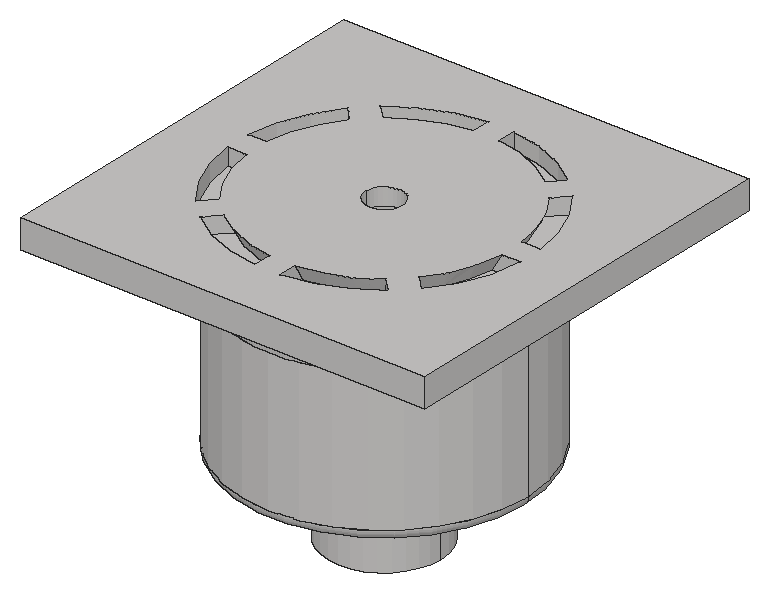
Revit family
Parameters (values of type "9614-SRF-2"")
  Width = 8"
  Waste Connection Radius = 1"
  Waste Connection Diameter = Waste Connection Radius * 2  # 2"
  Waste Connection = yes
  Vent Connection = no
  URL = "www.jrsmith.com"
  Price = "Prices may vary. Please consult Manufacturer Representative for most up-to-date price list."  # constant formula
  Phone Number = "416-250-5656"  # constant formula
  Omniclass Table 23 Title = "Waste Water Drains"  # constant formula
  Omniclass Table 23 Code = "23.70.50.21.24"  # constant formula
  Model = "9614-SRF-2\""
  Material = Metal-Jay R Smith-Stainless Steel
  Masterformat Title = "Sanitary Drains"  # constant formula
  Masterformat Number = "22 13 19.13"  # constant formula
  Manufacturer = "Jay R. Smith"
  Length = Width  # 8"
  Height = 6"
  HW Connection = no
  Description = "8\" Square top special purpose floor drain dwith heavt duty rim flow grate."
  Default Elevation = 0"
  Creation Date = "27/10/2014"  # constant formula
  Created By = "Allied Technical Services"  # constant formula
  CW Connection = no
  Assembly Code = "D2030300"
  ATS URL = "http://www.atsspec.net"
Types (4): name | Waste Connection Radius | Waste Connection Diameter | Model | Description
  (no name) | 1" | 2" | "9614-SRF-2\"" | "8\" Square top special purpose floor drain dwith heavt duty rim flow grate."
  9614-SRF-2" | 1" | 2" | "9614-SRF-2\"" | "8\" Square top special purpose floor drain dwith heavt duty rim flow grate."
  9614-SRF-3" | 1 1/2" | 3" | "9614-SRF-3\"" | "8\" Square top special purpose floor drain with heavy duty rim flow grate."
  9614-SRF-4" | 2" | 4" | "9614-SRF-4\"" | "8\" Square top special purpose floor drain with heavy duty rim flow grate."
Reference planes (in)
  plane 1 "Center (Front/Back)": y = 0
  plane 2: z = 0
  plane 3 "Center (Left/Right)": x = 0
  plane 4: x = -4
  plane 5: x = 4
  plane 6: z = 6
  plane 7: z = 1.5
  plane 8: x = -1
  plane 9: x = 1
  plane 10: z = 5.4375
Forms (in)
  Revolve 1, solid, material "Metal-Jay R Smith-Stainless Steel" <- "Material"
    sketch origin (0, 0, 0) x (1, 0, 0) y (0, 0, 1)
      loop
        line (-4, 6) -> (-4, 5.64194)
        arc (-4, 5.64194) -> (-3.93828, 5.49293) -> (-3.78926, 5.4312) r 0.21074
        line (-3.78926, 5.4312) -> (-3.26404, 5.4312) -> (-3.26404, 5.07734)
        arc (-3.26404, 5.07734) -> (-3.22877, 4.96877) -> (-3.13643, 4.90164) r 0.18476
        arc (-3.13643, 4.90164) -> (-2.93022, 4.75175) -> (-2.85146, 4.50929) r 0.41258
        line (-2.85146, 4.50929) -> (-2.85146, 1.71875)
        arc (-2.85146, 1.71875) -> (-2.78739, 1.56407) -> (-2.63271, 1.5) r 0.21875
        line (-2.63271, 1.5) -> (-1.125, 1.5) -> (-1.125, 0) -> (-1, 0) -> (-1, 5.66937) -> (-0.3652, 5.66937) -> (-0.3652, 6) -> (-2.5352, 6) -> (-2.34432, 5.66937) -> (-2.9102, 5.66937) -> (-2.9102, 6) -> (-4, 6)
      axis (0, 6) -> (0, 0)
    angle from 0 to 360
  Extrusion 2, solid, material "Metal-Jay R Smith-Stainless Steel" <- "Material"
    sketch origin (0, 0, 0) x (1, 0, 0) y (0, 1, 0)
      loop
        line (-0.25, 2.1161) -> (0.25, 2.1161) -> (0.25, 2.90928)
        arc (0.25, 2.90928) -> (0, 2.92) -> (-0.25, 2.90928) r 2.92
        line (-0.25, 2.90928) -> (-0.25, 2.1161)
      loop
        line (-1.67308, 1.31953) -> (-1.31953, 1.67308) -> (-1.88039, 2.23395)
        arc (-1.88039, 2.23395) -> (-2.06475, 2.06475) -> (-2.23395, 1.88039) r 2.92
        line (-2.23395, 1.88039) -> (-1.67308, 1.31953)
      loop
        line (1.67308, 1.31953) -> (2.23395, 1.88039)
        arc (2.23395, 1.88039) -> (2.06475, 2.06475) -> (1.88039, 2.23395) r 2.92
        line (1.88039, 2.23395) -> (1.31953, 1.67308) -> (1.67308, 1.31953)
      loop
        line (-2.1161, -0.25) -> (-2.1161, 0.25) -> (-2.90928, 0.25)
        arc (-2.90928, 0.25) -> (-2.92, 0) -> (-2.90928, -0.25) r 2.92
        line (-2.90928, -0.25) -> (-2.1161, -0.25)
      loop
        line (2.1161, -0.25) -> (2.90928, -0.25)
        arc (2.90928, -0.25) -> (2.92, 0) -> (2.90928, 0.25) r 2.92
        line (2.90928, 0.25) -> (2.1161, 0.25) -> (2.1161, -0.25)
      loop
        line (-0.25, -2.1161) -> (-0.25, -2.90928)
        arc (-0.25, -2.90928) -> (0, -2.92) -> (0.25, -2.90928) r 2.92
        line (0.25, -2.90928) -> (0.25, -2.1161) -> (-0.25, -2.1161)
      loop
        line (-1.67308, -1.31953) -> (-2.23395, -1.88039)
        arc (-2.23395, -1.88039) -> (-2.06475, -2.06475) -> (-1.88039, -2.23395) r 2.92
        line (-1.88039, -2.23395) -> (-1.31953, -1.67308) -> (-1.67308, -1.31953)
      loop
        line (1.67308, -1.31953) -> (1.31953, -1.67308) -> (1.88039, -2.23395)
        arc (1.88039, -2.23395) -> (2.06475, -2.06475) -> (2.23395, -1.88039) r 2.92
        line (2.23395, -1.88039) -> (1.67308, -1.31953)
    from 5.66937 to 6
  Extrusion 3, solid, material "Metal-Jay R Smith-Stainless Steel" <- "Material"
    sketch origin (0, 0, 0) x (1, 0, 0) y (0, 1, 0)
      loop
        line (-4, -4) -> (4, -4) -> (4, 4) -> (-4, 4) -> (-4, -4)
      loop
        circle (0, 0) r 2.9102
    from 5.4375 to 6
Cuts and joins
  joined: Revolve 1, Extrusion 2, Extrusion 3
Dimensions and locks (in)
  "Height": plane 6 to plane 2
  "Waste Connection Diameter": plane 9 to plane 8
  "Width": plane 5 to plane 4
  plane 7 to level = 1 1/2"
  equal spacing: plane 9, plane 3 "Center (Left/Right)", plane 8
  equal spacing: plane 5, plane 3 "Center (Left/Right)", plane 4
  locked: plane 8 to Revolve 1 sketch curve at 0.125
  aligned and locked: plane 8 to Revolve 1 sketch curve
Automatic sketch dimensions
  Extrusion 2 sketch curve to Extrusion 2 sketch curve = 0"  (x58)
  plane 5 to Extrusion 2 sketch curve = 6.90928"
  Extrusion 2 sketch curve to Extrusion 2 sketch curve = 0.67533"  (x2)
  Extrusion 2 sketch curve to Extrusion 2 sketch curve = 0.79318"  (x4)
  Extrusion 2 sketch curve to Extrusion 2 sketch curve = 0.35355"  (x8)
  Extrusion 2 sketch curve to Extrusion 2 sketch curve = 0.56086"  (x4)
  Extrusion 2 sketch curve to Extrusion 2 sketch curve = 1.06953"  (x8)
  Extrusion 2 sketch curve to Extrusion 2 sketch curve = 1.67308"
  Extrusion 2 sketch curve to Extrusion 2 sketch curve = 1/2"  (x2)
  Extrusion 2 sketch curve to Extrusion 2 sketch curve = 0.44301"  (x3)
  Extrusion 2 sketch curve to plane 1 "Center (Front/Back)" = 1.88039"
  Extrusion 2 sketch curve to Extrusion 2 sketch curve = 0.20731"  (x2)
  Extrusion 3 sketch curve to plane 4 = 0"
  plane 1 "Center (Front/Back)" to Extrusion 3 sketch curve = 0"
  Extrusion 3 sketch curve to plane 3 "Center (Left/Right)" = 0"
  Extrusion 3 sketch curve to plane 5 = 0"
  plane 1 "Center (Front/Back)" to Extrusion 3 sketch curve = 4"
  Extrusion 3 sketch curve to plane 1 "Center (Front/Back)" = 4"
  Revolve 1 sketch curve to plane 4 = 0"
  Revolve 1 sketch curve to plane 6 = 0"  (x2)
  Revolve 1 sketch curve to plane 7 = 0"
  Revolve 1 sketch curve to level = 0"
  Revolve 1 sketch curve to plane 3 "Center (Left/Right)" = 0"
  Revolve 1 sketch curve to plane 10 = 0.0063"
  plane 4 to Revolve 1 sketch curve = 0.21074"
  Revolve 1 sketch curve to Revolve 1 sketch curve = 0.52522"
  Revolve 1 sketch curve to Revolve 1 sketch curve = 0"  (x2)
  Revolve 1 sketch curve to Revolve 1 sketch curve = 0.12761"
  Revolve 1 sketch curve to Revolve 1 sketch curve = 0.18476"
  Revolve 1 sketch curve to Revolve 1 sketch curve = 0.35384"
  plane 7 to Revolve 1 sketch curve = 7/32"
  Revolve 1 sketch curve to Revolve 1 sketch curve = 3/8"
  plane 10 to Revolve 1 sketch curve = 0.23187"  (x2)
  Revolve 1 sketch curve to Revolve 1 sketch curve = 0.19089"
  Revolve 1 sketch curve to plane 3 "Center (Left/Right)" = 0.3652"
  Revolve 1 sketch curve to level = 2 1/2"
  Revolve 1 sketch curve to Revolve 1 sketch curve = 0.64812"
  Revolve 1 sketch curve to Revolve 1 sketch curve = 0.92191"
  radius of Extrusion 3 sketch curve = 2.9102"
Connectors (in)
  piping at (0, 0, 0), driven by "Waste Connection Radius"
    settings: on cut or joined group of Revolve 1, Extrusion 2, Extrusion 3, index 1
